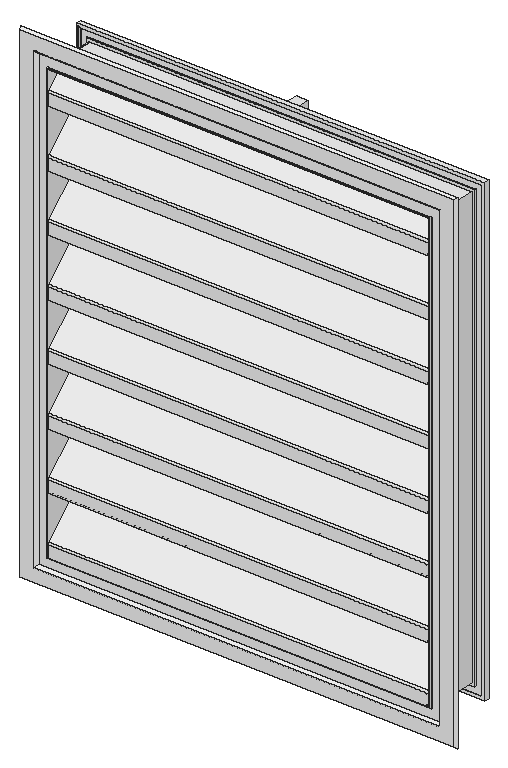
Revit family
Parameters (values of type "OHCL-F-102")
  URL = "http://www.productspec.net/products/18505/holyoake-industries-ltd/large-blade-outside-horizontal-louvers-ohl-102.aspx"
  Type Comments = "102mm Closable Horizontal Curved Profile Louvers in Flanged Surround"
  Technical Data = "http://www.collate.co.nz/nas/TechnicalFiles/2367/p18505/F3-F5%20OHCL102%20124.pdf"
  Ownership = "Holyoake Industries Limited"
  Overall Opening = Exact Neck Height - 47.00 mm  # 773.00 mm
  Overall Depth = 38.30 mm
  Nominal Width = 726.00 mm
  Nominal Height = 826.00 mm
  Model = "OHCL-F-102"
  Manufacturer = "Holyoake Industries Limited"
  Keynote = ""
  Gang Bar with Actuator Width (plus min. 300mm clearance) = 150.00 mm
  Flange Width = 25.40 mm
  Louver Depth = 106.35 mm
  Exact Overall Flange Height = Nominal Height + 44.80 mm  # 870.80 mm
  Exact Overall Flange Width = Nominal Width + 44.80 mm  # 770.80 mm
  Exact Neck Width = Nominal Width - 6.00 mm  # 720.00 mm
  Exact Neck Height = Nominal Height - 6.00 mm  # 820.00 mm
  Description = "Holyoake Outside Horizontal Louvre"
  Created By = "Productspec Limited"
  Frame & Blades = Aluminium
  Top Blade Height = Overall Opening - Blade Cut Setout  # 59.00 mm
  Connector Width = Exact Neck Width - 71.00 mm  # 649.00 mm
  Connector Height = Exact Neck Height - 71.00 mm  # 749.00 mm
  Blade Width = 101.40 mm
  Blade Pitch = 102.00 mm
  Blade Offset = (Louver Depth - Blade Width) / 2  # 2.475 mm
  Blade Length = Exact Neck Width - 47.00 mm  # 673.00 mm
  Blade Height = 134.90 mm
  Blade Cut Setout = Blade Count * Blade Pitch  # 714.00 mm
  Blade Count = Blade Array Count - 1  # 7
  Gang Bar Width (plus min. 300mm clearance) = 50.00 mm
  Blade Control = yes
  Blade Array Count = Overall Opening / Blade Pitch  # 7.5784
  Author = "Zinder Zhao"
  Assembly Code = ""
  Accessories = "Aluminium Bird mesh or insect mesh (fibreglass)"
Types (2, lengths in mm): name | Type Comments | Technical Data | Overall Opening | Nominal Width | Nominal Height | Model | Exact Overall Flange Height | Exact Overall Flange Width | Exact Neck Width | Exact Neck Height | Top Blade Height | Connector Width | Connector Height | Blade Length | Blade Control | Blade Array Count
  OHL-F-102 | "102mm Horizontal Curved Profile Louvers in Flanged Surround" | "http://www.collate.co.nz/nas/TechnicalFiles/2367/p18505/F1-F2%20OHL102%20124.pdf" | 813.00 | 741.00 | 866.00 | "OHL-F-102" | 910.80 | 785.80 | 735.00 | 860.00 | 99.00 | 664.00 | 789.00 | 688.00 | no | 7.9706
  OHCL-F-102 | "102mm Closable Horizontal Curved Profile Louvers in Flanged Surround" | "http://www.collate.co.nz/nas/TechnicalFiles/2367/p18505/F3-F5%20OHCL102%20124.pdf" | 773.00 | 726.00 | 826.00 | "OHCL-F-102" | 870.80 | 770.80 | 720.00 | 820.00 | 59.00 | 649.00 | 749.00 | 673.00 | yes | 7.5784
Reference planes
  plane 1 "Flange Origin": y = 0
  plane 2: z = 23.5
  plane 3 "Center (Left/Right)": x = -20.2
  plane 4 "Overall Opening": z = 796.5
  plane 5: y = 101.3
  plane 6: z = 125.5
  plane 7: x = -383.2
  plane 8: x = 339.8
  plane 9: x = -405.6
  plane 10: x = 342.8
  plane 11: x = -380.2
  plane 12: z = 845.4
  plane 13: z = 820
  plane 14: z = 823
  plane 15: z = 410
  plane 16: z = 158.4
  plane 17 "Cut Blade Setout": z = 737.5
  plane 18 "Center (Front/Back)": y = -5.05
  plane 19: x = 365.2
  plane 20: z = -25.4
  plane 21: z = 0
  plane 22 "Blade Offset": y = -2.575
  plane 23: y = 98.825
  plane 24: z = -3
  plane 25: z = 784.5
  plane 26: z = 35.5
  plane 27: x = -344.7
  plane 28: x = 304.3
  plane 29: x = -356.7
  plane 30: x = 316.3
  plane 31: y = 151.3
  plane 32: y = 251.3
Forms (mm)
  Sweep 1, solid, material "Aluminium" <- "Frame & Blades", detail levels fine
    path origin (0, 0, 0) x (1, 0, 0) y (0, 0, 1)
      loop
        line (316.3, 23.5) -> (316.3, 796.5) -> (-356.7, 796.5) -> (-356.7, 23.5) -> (316.3, 23.5)
    profile "Holyoake_OutsideLouvre_OHL-102_Flange_profile : OHL-102 Flange Profile" origin (316.3, 0, 410) x (-1, 0, 0) y (0, -1, 0)
      loop
        line (12, -101.3) -> (12, -99.9) -> (0, -99.9) -> (0, 1.9) -> (-1.4, 1.9) -> (-1.4, 0) -> (-17.713, 0) -> (-21.95, 5.05) -> (-45.984, 5.05) -> (-48.9, 0) -> (-45.984, 0) -> (-42.484, 3.5) -> (-24.566, 3.5) -> (-23.5, 2.23) -> (-23.5, -8.2) -> (-18.8, -8.2) -> (-18.8, -6.9) -> (-21.95, -6.9) -> (-21.95, -1.3) -> (-2.95, -1.3) -> (-2.95, -6.9) -> (-6.1, -6.9) -> (-6.1, -8.2) -> (-1.4, -8.2) -> (-1.4, -91.2) -> (-6.1, -91.2) -> (-6.1, -92.5) -> (-2.95, -92.5) -> (-2.95, -98.1) -> (-21.95, -98.1) -> (-21.95, -92.5) -> (-18.8, -92.5) -> (-18.8, -91.2) -> (-23.5, -91.2) -> (-23.5, -99.4) -> (-1.4, -99.4) -> (-1.4, -101.3) -> (12, -101.3)
  Extrusion 2, solid, material "Aluminium" <- "Frame & Blades", detail levels coarse+medium
    sketch origin (0, 0, 0) x (1, 0, 0) y (0, 1, 0)
      loop
        line (-380.2, 101.3) -> (-380.2, -5.05) -> (339.8, -5.05) -> (339.8, 101.3) -> (-380.2, 101.3)
    from 0 to 820
Dimensions and locks
  "Overall Opening": plane 4 "Overall Opening" to plane 2
  equal spacing: group 1, group 2, group 3, group 4, group 5, group 6, group 7  (x3)
  "Blade Pitch": plane 6 to plane 2
  "Blade Cut Setout": plane 17 "Cut Blade Setout" to plane 2
  "Louver Depth": plane 5 to plane 18 "Center (Front/Back)"
  "Blade Height": plane 16 to plane 2
  "Blade Offset": plane 22 "Blade Offset" to plane 18 "Center (Front/Back)"
  "Blade Width": plane 23 to plane 22 "Blade Offset"
  equal spacing: plane 11, plane 3 "Center (Left/Right)", plane 8
  "Exact Neck Width": plane 11 to plane 8
  "Nominal Width": plane 7 to plane 10
  "Exact Overall Flange Width": plane 9 to plane 19
  locked: plane 7 to plane 11 at 3
  locked: plane 14 to plane 13 at 3
  "Connector Height": plane 26 to plane 25
  "Connector Width": plane 27 to plane 28
  locked: plane 29 to plane 27 at 12
  "Blade Length": plane 29 to plane 30
  locked: plane 4 "Overall Opening" to plane 25 at 12
  "Flange Width": plane 9 to plane 11
  equal spacing: plane 13, plane 15, plane 21
  "Exact Neck Height": plane 13 to plane 21
  "Nominal Height": plane 14 to plane 24
  "Exact Overall Flange Height": plane 12 to plane 20
  "Gang Bar Width (plus min. 300mm clearance)": plane 5 to plane 31
  "Gang Bar with Actuator Width (plus min. 300mm clearance)": plane 5 to plane 32
  locked: plane 11 to plane 29 at 23.5
  "Flange Width": plane 12 to plane 13
  locked: plane 13 to plane 4 "Overall Opening" at 23.5
  aligned and locked: plane 4 "Overall Opening" to Sweep 1 sketch curve
  aligned and locked: Sweep 1 sketch curve to plane 2
  aligned and locked: Sweep 1 to plane 4 "Overall Opening"
  aligned and locked: nested 1 to plane 2  (x2)
  aligned and locked: nested 2 to plane 6  (x2)
  aligned and locked: plane 16 to nested 1  (x2)
  aligned and locked: Sweep 1 to plane 18 "Center (Front/Back)"  (x2)
  aligned and locked: nested 1 to plane 22 "Blade Offset"  (x2)
  aligned and locked: nested 2 to plane 22 "Blade Offset"  (x2)
  aligned and locked: plane 23 to nested 1
  aligned and locked: plane 23 to nested 2
  aligned and locked: plane 22 "Blade Offset" to nested 3  (x3)
  aligned and locked: plane 2 to Sweep 1
  aligned and locked: nested 1 to plane 23
  aligned and locked: nested 3 to plane 17 "Cut Blade Setout"  (x2)
  aligned and locked: Sweep 1 to plane 1 "Flange Origin"
  aligned and locked: plane 4 "Overall Opening" to nested 3
  aligned and locked: Sweep 1 to plane 2
  aligned and locked: plane 28 to Sweep 1
  aligned and locked: Sweep 1 to plane 27
  aligned and locked: plane 29 to nested 1
  aligned and locked: plane 30 to nested 1
  aligned and locked: nested 3 to plane 29  (x2)
  aligned and locked: nested 3 to plane 30  (x2)
  aligned and locked: plane 31 to nested 6
  aligned and locked: plane 3 "Center (Left/Right)" to nested 6
  aligned and locked: level to plane 21
  aligned and locked: plane 11 to Extrusion 2 sketch curve
  aligned and locked: Extrusion 2 sketch curve to plane 5
  aligned and locked: plane 18 "Center (Front/Back)" to Extrusion 2 sketch curve
  aligned and locked: Extrusion 2 sketch curve to plane 8
  aligned and locked: Extrusion 2 to plane 21
  aligned and locked: plane 13 to Extrusion 2
Automatic sketch dimensions
  plane 27 to Sweep 1 sketch curve = 12.00 mm
  Sweep 1 sketch curve to plane 28 = 12.00 mm
Nested families
  nested 1: "Holyoake_OutsideLouvre_OHL-102_Blade" at (-20.2, -2.575, 23.5), type "Holyoake_OutsideLouvre_OHL-102_Blade"
    with Length 673.00 mm
  nested 2: "Holyoake_OutsideLouvre_OHL-102_Blade" at (-20.2, -2.575, 125.5), type "Holyoake_OutsideLouvre_OHL-102_Blade"
    with Length 673.00 mm
  nested 3: "Holyoake_OutsideLouvre_OHL-102_BladeCutted" at (-20.2, -2.575, 737.5), type "Holyoake_OutsideLouvre_OHL-102_BladeCutted"
    with Length 673.00 mm
  nested 4: "Holyoake_OutsideLouvre_OHL-102_Blade" at (-20.2, -2.575, 227.5), type "Holyoake_OutsideLouvre_OHL-102_Blade"
    with Length 673.00 mm
  nested 5: "Holyoake_OutsideLouvre_OHL-102_Blade" at (-20.2, -2.575, 329.5), type "Holyoake_OutsideLouvre_OHL-102_Blade"
    with Length 673.00 mm
  nested 6: "Holyoake_OutsideLouvre_OHCL_BladeControl" at (-40.2, 126.3, 23.5), visible <- "Blade Control", type "OHCL Blade Control"
  nested 7: "Holyoake_OutsideLouvre_OHL-102_Blade" at (-20.2, -2.575, 431.5), type "Holyoake_OutsideLouvre_OHL-102_Blade"
    with Length 673.00 mm
  nested 8: "Holyoake_OutsideLouvre_OHL-102_Blade" at (-20.2, -2.575, 533.5), type "Holyoake_OutsideLouvre_OHL-102_Blade"
    with Length 673.00 mm
  nested 9: "Holyoake_OutsideLouvre_OHL-102_Blade" at (-20.2, -2.575, 635.5), type "Holyoake_OutsideLouvre_OHL-102_Blade"
    with Length 673.00 mm
Connectors
  hvac at (-20.2, 101.3, 410), driven by "Connector Height", driven by "Connector Width"
    settings: on Sweep 1, index 1
Definition of nested family "Holyoake_OutsideLouvre_OHL-102_Blade"
  Parameters (values of type "Holyoake_OutsideLouvre_OHL-102_Blade")
    Width = 101.40 mm
    URL = "http://www.holyoake.co.nz/407.0.html"
    Type Comments = "Outside Louvre Blade"
    Ownership = "Holyoake Industries Ltd"
    Model = "OHL-102 Blade"
    Manufacturer = "Holyoake Industries Ltd"
    Length = 688.00 mm
    Height = 134.90 mm
    Created By = "Productspec Ltd"
    Blade = Aluminium
    Author = "Zinder Zhao"
    Assembly Code = ""
  Reference planes
    plane 1 "Center (Front/Back)": y = 0
    plane 2: z = 0
    plane 3 "Center (Left/Right)": x = 0
    plane 4: x = -344
    plane 5: x = 344
    plane 6: z = 134.9
    plane 7: y = 101.4
  Forms (mm)
    Sweep 1, solid, material "Aluminium" <- "Blade", detail levels fine
      path origin (0, 0, 0) x (1, 0, 0) y (0, 1, 0)
        loop
          line (-344, 0) -> (344, 0)
      profile "Holyoake_OutsideLouvre_OHL-102_Blade_profile : OHL-102 Blade Profile" origin (0, 0, 0) x (0, 1, 0) y (0, 0, 1)
        loop
          arc (3.972, 1.479) -> (4.111, 2.267) -> (3.498, 2.781) r 0.8
          line (3.498, 2.781) -> (2.071, 2.116)
          arc (2.071, 2.116) -> (1.586, 2.28) -> (1.3, 2.704) r 0.8
          line (1.3, 2.704) -> (1.3, 20.828)
          arc (1.3, 20.828) -> (1.61, 22.352) -> (2.491, 23.634) r 3.9
          line (2.491, 23.634) -> (70.385, 89.198)
          arc (70.385, 89.198) -> (71.887, 92.732) -> (71.132, 96.497) r 6.5
          line (71.132, 96.497) -> (68.665, 99.998)
          arc (68.665, 99.998) -> (68.163, 102.307) -> (69.469, 104.276) r 3.036
          line (69.469, 104.276) -> (88.354, 117.469) -> (88.354, 119.37)
          arc (88.354, 119.37) -> (88.595, 119.868) -> (89.098, 120.1) r 0.821
          line (89.098, 120.1) -> (94.898, 120.1) -> (94.898, 122.09) -> (100.723, 122.09)
          arc (100.723, 122.09) -> (101.182, 122.329) -> (101.4, 122.798) r 0.8
          line (101.4, 122.798) -> (101.4, 134.9) -> (100.6, 134.9) -> (97.428, 133.421)
          arc (97.428, 133.421) -> (97.289, 132.633) -> (97.902, 132.119) r 0.8
          line (97.902, 132.119) -> (99.329, 132.784)
          arc (99.329, 132.784) -> (99.813, 132.62) -> (100.1, 132.196) r 0.8
          line (100.1, 132.196) -> (100.1, 124.103)
          arc (100.1, 124.103) -> (99.87, 123.62) -> (99.387, 123.39) r 0.8
          line (99.387, 123.39) -> (93.598, 123.39) -> (93.598, 121.4) -> (87.811, 121.4)
          arc (87.811, 121.4) -> (87.321, 121.147) -> (87.101, 120.641) r 0.821
          line (87.101, 120.641) -> (87.101, 118.177) -> (68.933, 105.453)
          arc (68.933, 105.453) -> (66.907, 102.649) -> (67.597, 99.258) r 4.309
          line (67.597, 99.258) -> (70.023, 95.815)
          arc (70.023, 95.815) -> (70.595, 92.874) -> (69.449, 90.106) r 5.2
          line (69.449, 90.106) -> (1.588, 24.573)
          arc (1.588, 24.573) -> (0.413, 22.865) -> (0, 20.833) r 5.2
          line (0, 20.833) -> (0, 0) -> (0.8, 0) -> (3.972, 1.479)
  Dimensions and locks
    equal spacing: plane 4, plane 3 "Center (Left/Right)", plane 5
    "Length": plane 4 to plane 5
    "Height": plane 2 to plane 6
    "Width": plane 7 to plane 1 "Center (Front/Back)"
    aligned and locked: plane 1 "Center (Front/Back)" to Sweep 1 sketch curve
    aligned and locked: level to plane 2
    aligned and locked: plane 4 to Sweep 1
    aligned and locked: plane 5 to Sweep 1
    aligned and locked: Sweep 1 to plane 2
    aligned and locked: Sweep 1 to plane 6
    aligned and locked: plane 1 "Center (Front/Back)" to Sweep 1
  Automatic sketch dimensions
    Sweep 1 sketch curve to plane 4 = 0.00 mm
    Sweep 1 sketch curve to plane 5 = 0.00 mm
Definition of nested family "Holyoake_OutsideLouvre_OHL-102_BladeCutted"
  Parameters (values of type "Holyoake_OutsideLouvre_OHL-102_BladeCutted")
    Width = 101.40 mm
    URL = "http://www.holyoake.co.nz/407.0.html"
    Type Comments = "Outside Louvre Blade"
    Ownership = "Holyoake Industries Ltd"
    Model = "OHL-102 Blade"
    Manufacturer = "Holyoake Industries Ltd"
    Length = 688.00 mm
    Height = 134.90 mm
    Created By = "Productspec Ltd"
    Blade Cut Setout = 59.00 mm
    Blade = Aluminium
    Author = "Zinder Zhao"
    Assembly Code = ""
  Reference planes
    plane 1 "Center (Front/Back)": y = 0
    plane 2: z = 0
    plane 3 "Center (Left/Right)": x = 0
    plane 4 "Left": x = -344
    plane 5 "Right": x = 344
    plane 6 "Top": z = 134.9
    plane 7: y = 101.4
    plane 8: z = 59
  Forms (mm)
    Sweep 1, solid, material "Aluminium" <- "Blade", detail levels fine
      path origin (0, 0, 0) x (1, 0, 0) y (0, 1, 0)
        loop
          line (-344, 0) -> (344, 0)
      profile "Holyoake_OutsideLouvre_OHL-102_Blade_profile : OHL-102 Blade Profile" origin (0, 0, 0) x (0, 1, 0) y (0, 0, 1)
        loop
          arc (3.972, 1.479) -> (4.111, 2.267) -> (3.498, 2.781) r 0.8
          line (3.498, 2.781) -> (2.071, 2.116)
          arc (2.071, 2.116) -> (1.586, 2.28) -> (1.3, 2.704) r 0.8
          line (1.3, 2.704) -> (1.3, 20.828)
          arc (1.3, 20.828) -> (1.61, 22.352) -> (2.491, 23.634) r 3.9
          line (2.491, 23.634) -> (70.385, 89.198)
          arc (70.385, 89.198) -> (71.887, 92.732) -> (71.132, 96.497) r 6.5
          line (71.132, 96.497) -> (68.665, 99.998)
          arc (68.665, 99.998) -> (68.163, 102.307) -> (69.469, 104.276) r 3.036
          line (69.469, 104.276) -> (88.354, 117.469) -> (88.354, 119.37)
          arc (88.354, 119.37) -> (88.595, 119.868) -> (89.098, 120.1) r 0.821
          line (89.098, 120.1) -> (94.898, 120.1) -> (94.898, 122.09) -> (100.723, 122.09)
          arc (100.723, 122.09) -> (101.182, 122.329) -> (101.4, 122.798) r 0.8
          line (101.4, 122.798) -> (101.4, 134.9) -> (100.6, 134.9) -> (97.428, 133.421)
          arc (97.428, 133.421) -> (97.289, 132.633) -> (97.902, 132.119) r 0.8
          line (97.902, 132.119) -> (99.329, 132.784)
          arc (99.329, 132.784) -> (99.813, 132.62) -> (100.1, 132.196) r 0.8
          line (100.1, 132.196) -> (100.1, 124.103)
          arc (100.1, 124.103) -> (99.87, 123.62) -> (99.387, 123.39) r 0.8
          line (99.387, 123.39) -> (93.598, 123.39) -> (93.598, 121.4) -> (87.811, 121.4)
          arc (87.811, 121.4) -> (87.321, 121.147) -> (87.101, 120.641) r 0.821
          line (87.101, 120.641) -> (87.101, 118.177) -> (68.933, 105.453)
          arc (68.933, 105.453) -> (66.907, 102.649) -> (67.597, 99.258) r 4.309
          line (67.597, 99.258) -> (70.023, 95.815)
          arc (70.023, 95.815) -> (70.595, 92.874) -> (69.449, 90.106) r 5.2
          line (69.449, 90.106) -> (1.588, 24.573)
          arc (1.588, 24.573) -> (0.413, 22.865) -> (0, 20.833) r 5.2
          line (0, 20.833) -> (0, 0) -> (0.8, 0) -> (3.972, 1.479)
    Extrusion 2, void
      sketch origin (0, 0, 0) x (1, 0, 0) y (0, 0, 1)
        loop
          line (-344, 250) -> (-344, 59) -> (344, 59) -> (344, 250) -> (-344, 250)
      from -101.4 to 0
  Cuts and joins
    Extrusion 2 cuts Sweep 1
  Dimensions and locks
    equal spacing: plane 4 "Left", plane 3 "Center (Left/Right)", plane 5 "Right"
    "Length": plane 4 "Left" to plane 5 "Right"
    "Height": plane 2 to plane 6 "Top"
    "Width": plane 7 to plane 1 "Center (Front/Back)"
    "Blade Cut Setout": plane 8 to plane 2
    aligned and locked: plane 1 "Center (Front/Back)" to Sweep 1 sketch curve
    aligned and locked: level to plane 2
    aligned and locked: plane 4 "Left" to Sweep 1
    aligned and locked: plane 5 "Right" to Sweep 1
    aligned and locked: Extrusion 2 to plane 4 "Left"
    aligned and locked: plane 5 "Right" to Extrusion 2
    aligned and locked: plane 1 "Center (Front/Back)" to Extrusion 2
    aligned and locked: Extrusion 2 to plane 8
    aligned and locked: Extrusion 2 to Sweep 1
  Automatic sketch dimensions
    Sweep 1 sketch curve to plane 4 "Left" = 0.00 mm
    Sweep 1 sketch curve to plane 5 "Right" = 0.00 mm
    plane 6 "Top" to Extrusion 2 sketch curve = 75.90 mm
    plane 4 "Left" to Extrusion 2 sketch curve = 0.00 mm
    plane 3 "Center (Left/Right)" to Extrusion 2 sketch curve = 344.00 mm
    Extrusion 2 sketch curve to plane 6 "Top" = 115.10 mm
Definition of nested family "Holyoake_OutsideLouvre_OHCL_BladeControl"
  Parameters (values of type "OHCL Blade Control")
    Width = 40.00 mm
    URL = "http://www.productspec.net/products/comp/2367/holyoake-industries-ltd-products.aspx"
    Type Comments = "Closable Louvre Blade Control"
    Ownership = "Holyoake Industries Ltd"
    Model = "OHCL - 124 & 102"
    Manufacturer = "Holyoake Industries Ltd"
    Length = 773.00 mm
    Created By = "Productspec Ltd"
    Bracket Width = 15.00 mm
    Bracket Pitch = 102.00 mm
    Bracket Offset = Bracket Pitch  # 102.00 mm
    Bracket Number = Length / Bracket Pitch - 1  # 7
    Bracket = Aluminium
    Author = "Zinder Zhao"
    Assembly Code = ""
  Reference planes
    plane 1 "Center (Front/Back)": y = 0
    plane 2: z = 0
    plane 3 "Right": x = 40
    plane 4 "Centre": x = 20
    plane 5: y = 25
    plane 6: y = -35
    plane 7: z = 773
    plane 8: z = 102
    plane 9: z = 117
    plane 10: z = 204
    plane 11 "Left": x = 0
  Forms (mm)
    Extrusion 1, solid, material "Aluminium" <- "Bracket", detail levels medium+fine
      sketch origin (40, 0, 0) x (0, 1, 0) y (0, 0, 1)
        loop
          line (25, 773) -> (0, 773) -> (0, 0) -> (25, 0) -> (25, 773)
      from -40 to -20
    Extrusion 2, solid, material "Aluminium" <- "Bracket", detail levels fine
      sketch origin (20, -10, 22) x (0, 1, 0) y (0, 0, 1)
        loop
          line (26.487, 95) -> (-17.5, 95)
          arc (-17.5, 95) -> (-22.068, 93.365) -> (-25, 89.5) r 8.511
          line (-25, 89.5) -> (-25, 85.5)
          arc (-25, 85.5) -> (-22.068, 81.635) -> (-17.5, 80) r 8.511
          line (-17.5, 80) -> (26.487, 80)
          arc (26.487, 80) -> (33.987, 87.5) -> (26.487, 95) r 7.5
      from 0 to 20
    Extrusion 3, solid, material "Aluminium" <- "Bracket", detail levels fine
      sketch origin (20, -10, 124) x (0, 1, 0) y (0, 0, 1)
        loop
          line (26.487, 95) -> (-17.5, 95)
          arc (-17.5, 95) -> (-22.068, 93.365) -> (-25, 89.5) r 8.511
          line (-25, 89.5) -> (-25, 85.5)
          arc (-25, 85.5) -> (-22.068, 81.635) -> (-17.5, 80) r 8.511
          line (-17.5, 80) -> (26.487, 80)
          arc (26.487, 80) -> (33.987, 87.5) -> (26.487, 95) r 7.5
      from 0 to 20
    Extrusion 4, solid, material "Aluminium" <- "Bracket", detail levels fine
      sketch origin (20, -10, 226) x (0, 1, 0) y (0, 0, 1)
        loop
          line (26.487, 95) -> (-17.5, 95)
          arc (-17.5, 95) -> (-22.068, 93.365) -> (-25, 89.5) r 8.511
          line (-25, 89.5) -> (-25, 85.5)
          arc (-25, 85.5) -> (-22.068, 81.635) -> (-17.5, 80) r 8.511
          line (-17.5, 80) -> (26.487, 80)
          arc (26.487, 80) -> (33.987, 87.5) -> (26.487, 95) r 7.5
      from 0 to 20
    Extrusion 5, solid, material "Aluminium" <- "Bracket", detail levels fine
      sketch origin (20, -10, 328) x (0, 1, 0) y (0, 0, 1)
        loop
          line (26.487, 95) -> (-17.5, 95)
          arc (-17.5, 95) -> (-22.068, 93.365) -> (-25, 89.5) r 8.511
          line (-25, 89.5) -> (-25, 85.5)
          arc (-25, 85.5) -> (-22.068, 81.635) -> (-17.5, 80) r 8.511
          line (-17.5, 80) -> (26.487, 80)
          arc (26.487, 80) -> (33.987, 87.5) -> (26.487, 95) r 7.5
      from 0 to 20
    Extrusion 6, solid, material "Aluminium" <- "Bracket", detail levels fine
      sketch origin (20, -10, 430) x (0, 1, 0) y (0, 0, 1)
        loop
          line (26.487, 95) -> (-17.5, 95)
          arc (-17.5, 95) -> (-22.068, 93.365) -> (-25, 89.5) r 8.511
          line (-25, 89.5) -> (-25, 85.5)
          arc (-25, 85.5) -> (-22.068, 81.635) -> (-17.5, 80) r 8.511
          line (-17.5, 80) -> (26.487, 80)
          arc (26.487, 80) -> (33.987, 87.5) -> (26.487, 95) r 7.5
      from 0 to 20
    Extrusion 7, solid, material "Aluminium" <- "Bracket", detail levels fine
      sketch origin (20, -10, 532) x (0, 1, 0) y (0, 0, 1)
        loop
          line (26.487, 95) -> (-17.5, 95)
          arc (-17.5, 95) -> (-22.068, 93.365) -> (-25, 89.5) r 8.511
          line (-25, 89.5) -> (-25, 85.5)
          arc (-25, 85.5) -> (-22.068, 81.635) -> (-17.5, 80) r 8.511
          line (-17.5, 80) -> (26.487, 80)
          arc (26.487, 80) -> (33.987, 87.5) -> (26.487, 95) r 7.5
      from 0 to 20
    Extrusion 8, solid, material "Aluminium" <- "Bracket", detail levels fine
      sketch origin (20, -10, 634) x (0, 1, 0) y (0, 0, 1)
        loop
          line (26.487, 95) -> (-17.5, 95)
          arc (-17.5, 95) -> (-22.068, 93.365) -> (-25, 89.5) r 8.511
          line (-25, 89.5) -> (-25, 85.5)
          arc (-25, 85.5) -> (-22.068, 81.635) -> (-17.5, 80) r 8.511
          line (-17.5, 80) -> (26.487, 80)
          arc (26.487, 80) -> (33.987, 87.5) -> (26.487, 95) r 7.5
      from 0 to 20
  Dimensions and locks
    equal spacing: group 1, group 2, group 3, group 4, group 5, group 6, group 7  (x3)
    "Bracket Offset": plane 8 to plane 2
    "Bracket Width": plane 9 to plane 8
    "Bracket Pitch": plane 10 to plane 8
    "Length": plane 7 to plane 2
    plane 6 to plane 1 "Center (Front/Back)" = 35.00 mm
    aligned and locked: level to plane 2
    aligned and locked: Extrusion 1 sketch curve to plane 5
    aligned and locked: plane 7 to Extrusion 1 sketch curve
    aligned and locked: level to Extrusion 1 sketch curve
    aligned and locked: plane 1 "Center (Front/Back)" to Extrusion 1 sketch curve
    aligned and locked: Extrusion 2 to plane 4 "Centre"
    aligned and locked: plane 3 "Right" to Extrusion 2
    aligned and locked: Extrusion 1 to plane 5  (x2)
    aligned and locked: plane 1 "Center (Front/Back)" to Extrusion 1  (x2)
    aligned and locked: plane 6 to Extrusion 2
    aligned and locked: Extrusion 2 to plane 3 "Right"
    aligned and locked: plane 4 "Centre" to Extrusion 2
    aligned and locked: Extrusion 2 to plane 8
    aligned and locked: plane 9 to Extrusion 2
    aligned and locked: Extrusion 3 to plane 10
    aligned and locked: plane 6 to Extrusion 3
    aligned and locked: plane 6 to Extrusion 4
    aligned and locked: plane 7 to Extrusion 1
    aligned and locked: Extrusion 1 to plane 2
    aligned and locked: plane 4 "Centre" to Extrusion 1
  Automatic sketch dimensions
    Extrusion 6 sketch curve to Extrusion 6 sketch curve = 7.50 mm  (x3)
    Extrusion 6 sketch curve to Extrusion 6 sketch curve = 0.466 mm
    Extrusion 6 sketch curve to Extrusion 6 sketch curve = 0.00 mm
    Extrusion 6 sketch curve to Extrusion 6 sketch curve = 43.521 mm
    Extrusion 6 sketch curve to Extrusion 6 sketch curve = 5.50 mm
    Extrusion 6 sketch curve to Extrusion 6 sketch curve = 1.997 mm
    Extrusion 2 sketch curve to Extrusion 2 sketch curve = 7.50 mm  (x3)
    Extrusion 2 sketch curve to Extrusion 2 sketch curve = 0.466 mm
    Extrusion 2 sketch curve to Extrusion 2 sketch curve = 0.00 mm
    Extrusion 2 sketch curve to Extrusion 2 sketch curve = 43.521 mm
    Extrusion 2 sketch curve to Extrusion 2 sketch curve = 5.50 mm
    Extrusion 2 sketch curve to Extrusion 2 sketch curve = 1.997 mm
    Extrusion 3 sketch curve to Extrusion 3 sketch curve = 7.50 mm  (x3)
    Extrusion 3 sketch curve to Extrusion 3 sketch curve = 0.466 mm
    Extrusion 3 sketch curve to Extrusion 3 sketch curve = 0.00 mm
    Extrusion 3 sketch curve to Extrusion 3 sketch curve = 43.521 mm
    Extrusion 3 sketch curve to Extrusion 3 sketch curve = 5.50 mm
    Extrusion 3 sketch curve to Extrusion 3 sketch curve = 1.997 mm
    Extrusion 4 sketch curve to Extrusion 4 sketch curve = 7.50 mm  (x3)
    Extrusion 4 sketch curve to Extrusion 4 sketch curve = 0.466 mm
    Extrusion 4 sketch curve to Extrusion 4 sketch curve = 0.00 mm
    Extrusion 4 sketch curve to Extrusion 4 sketch curve = 43.521 mm
    Extrusion 4 sketch curve to Extrusion 4 sketch curve = 5.50 mm
    Extrusion 4 sketch curve to Extrusion 4 sketch curve = 1.997 mm
    Extrusion 5 sketch curve to Extrusion 5 sketch curve = 7.50 mm  (x3)
    Extrusion 5 sketch curve to Extrusion 5 sketch curve = 0.466 mm
    Extrusion 5 sketch curve to Extrusion 5 sketch curve = 0.00 mm
    Extrusion 5 sketch curve to Extrusion 5 sketch curve = 43.521 mm
    Extrusion 5 sketch curve to Extrusion 5 sketch curve = 5.50 mm
    Extrusion 5 sketch curve to Extrusion 5 sketch curve = 1.997 mm
    Extrusion 7 sketch curve to Extrusion 7 sketch curve = 7.50 mm  (x3)
    Extrusion 7 sketch curve to Extrusion 7 sketch curve = 0.466 mm
    Extrusion 7 sketch curve to Extrusion 7 sketch curve = 0.00 mm
    Extrusion 7 sketch curve to Extrusion 7 sketch curve = 43.521 mm
    Extrusion 7 sketch curve to Extrusion 7 sketch curve = 5.50 mm
    Extrusion 7 sketch curve to Extrusion 7 sketch curve = 1.997 mm
    Extrusion 8 sketch curve to Extrusion 8 sketch curve = 7.50 mm  (x3)
    Extrusion 8 sketch curve to Extrusion 8 sketch curve = 0.466 mm
    Extrusion 8 sketch curve to Extrusion 8 sketch curve = 0.00 mm
    Extrusion 8 sketch curve to Extrusion 8 sketch curve = 43.521 mm
    Extrusion 8 sketch curve to Extrusion 8 sketch curve = 5.50 mm
    Extrusion 8 sketch curve to Extrusion 8 sketch curve = 1.997 mm
